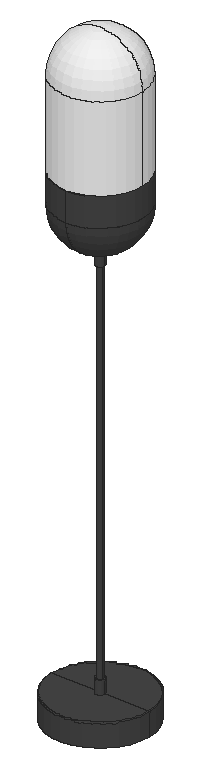
Revit family "AFX-Irvine-Pendant", category Lighting Fixtures, host Face, Revit 2021
Family settings
  Host = Face
  Round Connector Dimension = Use Diameter
  Part Type = Normal
  Cut with Voids When Loaded = No
  Light Source = Yes
  Shared = No
  Room Calculation Point = No
Parameters (values of type "IRVP05LAJUDBK")
  Wattage Comments = "15"
  Wattage = 9.2903 W
  built-in parameter 1150110 = 1 (stored number, unit not read)
  Voltage = 120 V
  URL = "https://www.afxinc.com/"
  Type Comments = "Irvine"  # constant formula
  built-in parameter 1114217 = 1 (stored number, unit not read)
  Tilt Angle = 90.00°
  built-in parameter 1150109 = 1 (stored number, unit not read)
  built-in parameter 1150134 = 3
  Sustainability = "https://lamprecycle.org/en/"
  built-in parameter 1150113 = 1 (stored number, unit not read)
  Support Finish = AFX - Black Steel
  Screen Finish = AFX - Black Steel
  Revit File Built By = "https://servex-us.com/servex-revit/"
  Product Documentation Link = "https://www.afxinc.com/products/productDetail.cfm?productID=2783"
  Power Factor = 1
  Photometric Web File = "IRVP05LAJUDBK(3000K).IES"
  Model = "IRVP05LAJUDBK"
  Manufacturer = "AFX Inc"  # constant formula
  built-in parameter 1150105 = 109.82 (stored number, unit not read)
  Lumens = 1380 lm
  built-in parameter 1150115 = 1 (stored number, unit not read)
  built-in parameter 1150137 = (empty or 0)
  built-in parameter 1150139 = (empty or 0)
  built-in parameter 1150112 = 1 (stored number, unit not read)
  built-in parameter 1150114 = 1 (stored number, unit not read)
  Lamp = ""
  Keynote = "12500"  # constant formula
  built-in parameter 1150132 = (empty or 0)
  built-in parameter 1150102 = (empty or 0)
  built-in parameter 1150107 = 3200 (stored number, unit not read)
  built-in parameter 1150138 = (empty or 0)
  built-in parameter 1150106 = 1.0982 (stored number, unit not read)
  Housing Finish = AFX - Black Steel
  Height = 11 1/2"
  HC [instance] = if(and(Ceiling Distance > 33", Ceiling Distance < 108 1/32"), Ceiling Distance, 33")  # 34"
  Emit from Circle Diameter = 4 3/4"
  Emit Shape Visible in Rendering = no
  built-in parameter 1150104 = 13.8 (stored number, unit not read)
  Dimming Lamp Color Temperature Shift = <None>
  Diffuser Finish = AFX - White Acrylic
  Diameter = 4 3/4"
  Description = "Pendant - 12 1/4\"Dia x 3 3/4\"H"
  Default Elevation = 48"
  Cord Finish = AFX - Black Steel
  Colour Rendering Index = "80"
  Color Filter = 16777215
  Ceiling Distance [instance] = 34"
  built-in parameter 1114218 = 1 (stored number, unit not read)
  built-in parameter 1150133 = 10 (stored number, unit not read)
  Assembly Code = "D5020200"
  Apparent Load = 0 VA
  Adjustable Height (Range) [instance] = if(and(Ceiling Distance > 33", Ceiling Distance < 108 1/32"), "108 Pulg Max", "Not Range")  # "108 Pulg Max"
Reference planes (in)
  plane 1 "Center (Front/Back)": y = 0.13952
  plane 2: z = 0
  plane 3 "Center (Left/Right)": x = 0
  plane 4: x = -2.375
  plane 5: x = 2.375
  plane 6: y = 2.51452
  plane 7: y = -2.23548
  plane 8: z = 34
  plane 9: z = 22.5
Forms (in)
  Revolve 1, solid, material "AFX - Black Steel" <- "Support Finish"
    sketch origin (0, 0.13952, 0) x (1, 0, 0) y (0, 0, 1)
      loop
        line (2.70608, 0) -> (2.70608, 1.22029)
        arc (2.70608, 1.22029) -> (2.69449, 1.24826) -> (2.66653, 1.25984) r 0.03955
        line (2.66653, 1.25984) -> (0, 1.25984) -> (0, 0) -> (2.70608, 0)
      axis (0, 1.25984) -> (0, 0)
    angle from 0 to 360
  Revolve 2, solid, material "AFX - Black Steel" <- "Support Finish"
    sketch origin (0, 0.13952, 0) x (1, 0, 0) y (0, 0, 1)
      loop
        line (0.25591, 1.25984) -> (0.25591, 1.9685) -> (0, 1.9685) -> (0, 1.25984) -> (0.25591, 1.25984)
      axis (0, 1.9685) -> (0, 1.25984)
    angle from 0 to 360
  Revolve 3, solid, material "AFX - White Acrylic" <- "Diffuser Finish"
    sketch origin (0, 0.13952, 0) x (1, 0, 0) y (0, 0, 1)
      loop
        line (2.34945, 26.99265) -> (2.34945, 31.65055)
        arc (2.34945, 31.65055) -> (1.66131, 33.31186) -> (0, 34) r 2.34945
        line (0, 34) -> (0, 26.99265) -> (2.34945, 26.99265)
      axis (0, 34) -> (0, 26.99265)
    angle from 0 to 360
  Revolve 4, solid, material "AFX - Black Steel" <- "Screen Finish"
    sketch origin (0, 0, 0) x (0, 1, 0) y (0, 0, 1)
      loop
        line (-2.22278, 26.99265) -> (-2.22278, 25.41794)
        arc (-2.22278, 25.41794) -> (-1.53088, 23.74754) -> (0.13952, 23.05564) r 2.3623
        line (0.13952, 23.05564) -> (0.13952, 26.99265) -> (-2.22278, 26.99265)
      axis (0.13952, 26.99265) -> (0.13952, 23.05564)
    angle from 0 to 360
  Revolve 5, solid, material "AFX - Black Steel" <- "Screen Finish"
    sketch origin (0, 0.13952, 0) x (1, 0, 0) y (0, 0, 1)
      loop
        line (0.25591, 23.05564) -> (0, 23.05564) -> (0, 22.34698) -> (0.25591, 22.34698) -> (0.25591, 23.05564)
      axis (0, 23.05564) -> (0, 22.34698)
    angle from 0 to 360
  Revolve 6, solid, material "AFX - Black Steel" <- "Cord Finish"
    sketch origin (0, 0.13952, 0) x (1, 0, 0) y (0, 0, 1)
      loop
        line (0.14173, 22.34698) -> (0, 22.34698) -> (0, 1.9685) -> (0.14173, 1.9685) -> (0.14173, 22.34698)
      axis (0, 22.34698) -> (0, 1.9685)
    angle from 0 to 360
Lines and regions (in)
  symbolic lines, style "LightingFixturesHiddenLines", detail levels medium+fine
    curve 1: circle (0, 0.13952, 0) r 2.3623 normal (0, 0, 1)
    curve 3: circle (0, 0.13952, 0) r 0.25591 normal (0, 0, 1)
  symbolic lines
    curve 2: circle (0, 0.13952, 0) r 2.70608 normal (0, 0, 1)
Dimensions and locks (in)
  "Diameter": plane 4 to plane 5
  "Diameter": plane 7 to plane 6
  equal spacing: plane 4, plane 3 "Center (Left/Right)", plane 5
  equal spacing: plane 7, plane 1 "Center (Front/Back)", plane 6
  locked: Revolve 1 sketch curve to plane 5 at 0.29153
  Revolve 1 sketch curve to Revolve 1 sketch curve to plane 2 = 0.03955" locked, 1.22029" locked
  Revolve 2 sketch curve to Revolve 2 sketch curve to plane 2 = 0.70866" locked, 1.25984" locked
  locked: plane 3 "Center (Left/Right)" to Revolve 2 sketch curve at 0.25591
  "HC": plane 8 to plane 2
  locked: plane 8 to plane 9 at 11.5
  Revolve 5 sketch curve to plane 9 to Revolve 5 sketch curve = 0.55564" locked, 0.15302" locked
  locked: Revolve 5 sketch curve to plane 3 "Center (Left/Right)" at 0.25591
  locked: Revolve 4 sketch curve to plane 7 at 0.0127
  locked: Revolve 4 sketch curve to plane 9 at 2.91794
  locked: Revolve 4 sketch curve to plane 9 at 4.49265
  locked: Revolve 4 sketch curve to plane 9 at 0.55564
  locked: plane 8 to Revolve 3 sketch curve at 2.34945
  locked: plane 5 to Revolve 3 sketch curve at 2.375
  locked: Revolve 3 sketch curve to plane 9 at 4.49265
  locked: plane 5 to Revolve 3 sketch curve at 0.02555
  locked: plane 9 to Revolve 6 sketch curve at 0.15302
  locked: Revolve 6 sketch curve to plane 3 "Center (Left/Right)" at 0.14173
  locked: Revolve 6 sketch curve to plane 2 at 1.9685
  aligned and locked: host face to plane 2
  aligned and locked: level to host face
  aligned and locked: Revolve 1 sketch curve to plane 3 "Center (Left/Right)"
  aligned and locked: plane 2 to Revolve 1 sketch curve
  aligned and locked: plane 3 "Center (Left/Right)" to Revolve 1 sketch curve
  aligned and locked: Revolve 2 sketch curve to plane 3 "Center (Left/Right)"  (x2)
  aligned and locked: Revolve 3 sketch curve to plane 3 "Center (Left/Right)"  (x2)
  aligned and locked: Revolve 5 sketch curve to plane 3 "Center (Left/Right)"
  aligned and locked: plane 3 "Center (Left/Right)" to Revolve 5 sketch curve
  aligned and locked: Revolve 4 sketch curve to plane 1 "Center (Front/Back)"
  aligned and locked: plane 1 "Center (Front/Back)" to Revolve 4 sketch curve
  aligned and locked: Revolve 6 sketch curve to plane 3 "Center (Left/Right)"
  aligned and locked: plane 3 "Center (Left/Right)" to Revolve 6 sketch curve
  aligned and locked: plane 3 "Center (Left/Right)" to imposter light
  aligned and locked: plane 1 "Center (Front/Back)" to Revolve 2  (x2)
  aligned and locked: plane 1 "Center (Front/Back)" to Revolve 1
  aligned and locked: plane 1 "Center (Front/Back)" to Revolve 5
  aligned and locked: plane 1 "Center (Front/Back)" to Revolve 6
  aligned and locked: plane 3 "Center (Left/Right)" to Revolve 4
  aligned and locked: plane 1 "Center (Front/Back)" to Revolve 3
Automatic sketch dimensions
  host sketch curve to host sketch curve = 96"  (x2)
  Revolve 1 sketch curve to level = 2.37185"
  Revolve 1 sketch curve to Revolve 1 sketch curve = 2.3683"
  level to Revolve 2 sketch curve = 0.29906"
  Revolve 2 sketch curve to Revolve 2 sketch curve = 0.8869"
  Revolve 3 sketch curve to plane 9 = 3"
  Revolve 3 sketch curve to Revolve 3 sketch curve = 2 1/2"
  Revolve 5 sketch curve to Revolve 5 sketch curve = 1.09698"
  Revolve 5 sketch curve to Revolve 5 sketch curve = 1.44436"
  Revolve 6 sketch curve to level = 9.16597"
  Revolve 6 sketch curve to plane 8 = 4 1/2"
  curve 1 to curve 2 = 0"  (x2)
  curve 1 to curve 3 = 0"  (x2)
  curve 2 to curve 3 = 0"  (x2)
  plane 1 "Center (Front/Back)" to curve 2 = 0"
  curve 2 to plane 3 "Center (Left/Right)" = 0"
  Revolve 4 sketch curve to plane 9 = 3 1/4"
  Revolve 4 sketch curve to Revolve 4 sketch curve = 0.33206"
  radius of curve 1 = 2.3623"
  radius of curve 2 = 2.70608"
  radius of curve 3 = 0.25591"
Connectors (in)
  electrical at (0, 0.13952, 0), driven by "Power Factor", driven by "Apparent Load", driven by "Voltage"
    settings: on Revolve 1, index 1, voltage 120 V, apparent load 0 VA, apparent load phase1 0 VA, apparent load phase2 0 VA, apparent load phase3 0 VA, power factor 1, load classification "Lighting", number of poles 1, system type 31, power factor state 1, is connector primary yes, connector utility no, sub classification motor no, connector description ""
